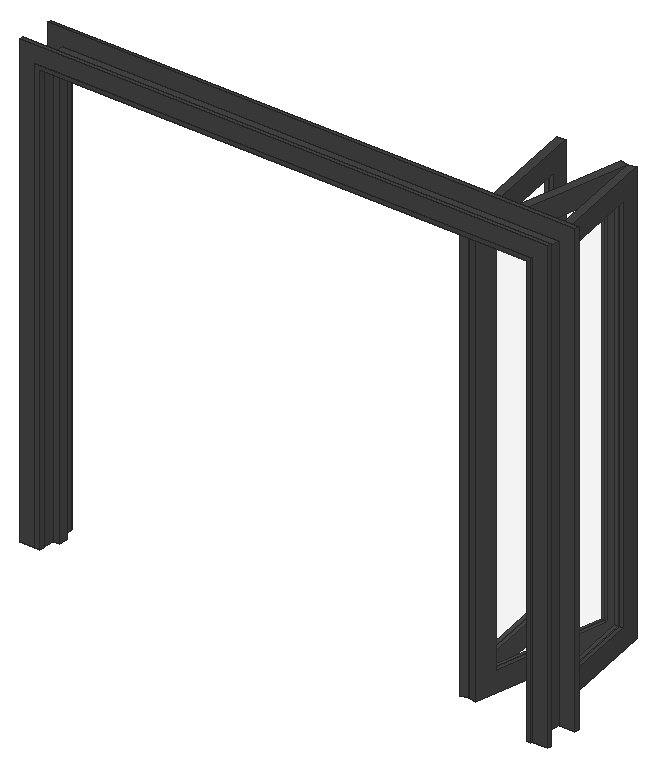
Revit family "Parametric Folding Door", category Doors, host Wall, Revit 2015
Parameters (values of type "Bifold door [parametric]")
  Trail width = 35 mm
  Trail thickness = 40 mm
  Trail = Door - Bifold - Jamb & Trail
  Rough Width = Width + (2 * Jamb thickness)  # 2450 mm
  Rough Height = Width + Jamb thickness  # 2430 mm
  Right 5 = No of right panels > 4  # no
  Right 4 = No of right panels > 3  # no
  Right 3 = No of right panels > 2  # no
  Right 2 = No of right panels > 1  # no
  Right 1 = No of right panels > 0  # no
  Panel width = (Width - (2 * Trail width)) / (No of right panels + No of left panels)  # 780 mm
  Panel thickness = 40 mm
  Panel space = ((Panel thickness) * (sin(Open angle))) + (Panel width * (cos(Open angle)))  # 174.838 mm
  Panel mullion width = 100 mm
  Panel mullion = Door - Bifold - Panel Mullion
  Panel height = Height - Trail width  # 2090 mm
  Open angle = 80.00°
  No of right panels = 0
  No of left panels = 3
  Left 5 = No of left panels > 4  # no
  Left 4 = No of left panels > 3  # no
  Left 3 = No of left panels > 2  # yes
  Left 2 = No of left panels > 1  # yes
  Left 1 = No of left panels > 0  # yes
  Jamb width = 200 mm
  Jamb thickness = 20 mm
  Jamb = Door - Bifold - Jamb & Trail
  Internal frame visible = yes
  Glass thickness = 4 mm
  Glass = Door - Bifold - Glass
  Function = Exterior
  Frame thickness = 20 mm
  Frame Width = 100 mm
  Height = 2125 mm
  Wall Closure = Both
  Width = 2410 mm
  External offset = 50 mm
  External frame visible = yes
  Assembly Code = ""
  Analytic Construction = "<None>"
Reference planes
  plane 1: y = 227.471
  plane 2 "Center (Left/Right)": x = -330.874
  plane 3 "Left": x = -1555.874
  plane 4 "Right": x = 894.126
  plane 5: z = 2145
  plane 6 "Exterior": y = 302.471
  plane 7 "Interior": y = 152.471
  plane 8: x = -1535.874
  plane 9: x = 874.126
  plane 10: x = -1500.874
  plane 11: x = 839.126
  plane 12: y = 327.471
  plane 13: y = 127.471
  plane 14: z = 2125
  plane 15: y = 232.471
  plane 16: y = 252.471
  plane 17: y = 212.471
  plane 18: z = 2090
  plane 19: x = -1326.036
  plane 20: x = -1151.198
  plane 21: x = -976.36
  plane 22: x = -801.522
  plane 23: x = -626.684
  plane 24: x = 664.288
  plane 25: x = 489.45
  plane 26: x = 314.612
  plane 27: x = 139.775
  plane 28: x = -35.063
Forms (mm)
  Extrusion 1, solid, material "Door - Bifold - Jamb & Trail" <- "Jamb", visible <- "Internal frame visible"
    sketch origin (-3050, 152.471, 0) x (1, 0, 0) y (0, 0, 1)
      loop
        line (1414.126, 0) -> (1514.126, 0) -> (1514.126, 2125) -> (3924.126, 2125) -> (3924.126, 0) -> (4024.126, 0) -> (4024.126, 2225) -> (1414.126, 2225) -> (1414.126, 0)
    from 0 to 20
  Extrusion 2, solid, material "Door - Bifold - Jamb & Trail" <- "Jamb", visible <- "External frame visible"
    sketch origin (-3050, 302.471, 0) x (-1, 0, 0) y (0, 0, 1)
      loop
        line (-1514.126, 0) -> (-1414.126, 0) -> (-1414.126, 2225) -> (-4024.126, 2225) -> (-4024.126, 0) -> (-3924.126, 0) -> (-3924.126, 2125) -> (-1514.126, 2125) -> (-1514.126, 0)
    from 0 to 20
  Extrusion 3, solid, material "Door - Bifold - Jamb & Trail" <- "Jamb"
    sketch origin (0, 302.471, 0) x (1, 0, 0) y (0, 0, 1)
      loop
        line (894.126, 0) -> (894.126, 2145) -> (-1555.874, 2145) -> (-1555.874, 0) -> (-1535.874, 0) -> (-1535.874, 2125) -> (874.126, 2125) -> (874.126, 0) -> (894.126, 0)
    from -25 to 175
  Extrusion 4, solid, material "Door - Bifold - Jamb & Trail" <- "Trail"
    sketch origin (0, 302.471, 0) x (1, 0, 0) y (0, 0, 1)
      loop
        line (874.126, 0) -> (874.126, 2125) -> (-1535.874, 2125) -> (-1535.874, 0) -> (-1500.874, 0) -> (-1500.874, 2090) -> (839.126, 2090) -> (839.126, 0) -> (874.126, 0)
    from 50 to 90
Lines and regions (mm)
  Opening 1
    outline origin (-3050, 152.471, 0) x (1, 0, 0) y (0, 0, 1)
      loop
        line (1494.126, 0) -> (3944.126, 0) -> (3944.126, 2145) -> (1494.126, 2145) -> (1494.126, 0)
  reference lines
    curve 1: line (-1500.874, 252.471, 0) -> (-1451.634, 243.789, 0)
Text (mm)
  text "Exterior" at (-2978.255, 2278.681, 0), in view "Ref. Level"
  text "Exterior" at (0, 1615.38, 3698.081), in view "Left"
  text "Exterior" at (0, 1036.032, 3874.932), in view "Right"
Dimensions and locks
  equal spacing: plane 3 "Left", plane 2 "Center (Left/Right)", plane 4 "Right"
  "Width": plane 8 to plane 9
  "Height": host wall to plane 14
  level to plane 14 = 2125 mm
  "Frame thickness": Extrusion 2 to Extrusion 2
  "Frame thickness": Extrusion 1 to Extrusion 1
  "Frame Width": plane 8 to Extrusion 1 sketch curve
  "Frame Width": plane 9 to Extrusion 1 sketch curve
  "Frame Width": Extrusion 1 sketch curve to plane 14
  "Frame Width": plane 9 to Extrusion 2 sketch curve
  "Frame Width": plane 8 to Extrusion 2 sketch curve
  "Frame Width": plane 14 to Extrusion 2 sketch curve
  locked: plane 6 "Exterior" to host wall at 0
  locked: plane 7 "Interior" to host wall
  "Jamb thickness": plane 3 "Left" to plane 8
  "Jamb thickness": plane 9 to plane 4 "Right"
  "Trail width": plane 8 to plane 10
  "Trail width": plane 11 to plane 9
  "Jamb width": plane 13 to plane 12
  equal spacing: plane 13, plane 1, plane 12
  "Jamb thickness": plane 14 to plane 5
  equal spacing: plane 17, plane 15, plane 16
  "Trail thickness": plane 17 to plane 16
  "External offset": plane 6 "Exterior" to plane 16
  "Trail width": plane 18 to plane 14
  "Panel space": plane 10 to plane 19
  "Panel space": plane 19 to plane 20
  "Panel space": plane 20 to plane 21
  "Panel space": plane 21 to plane 22
  "Panel space": plane 22 to plane 23
  "Panel space": plane 24 to plane 11
  "Panel space": plane 25 to plane 24
  "Panel space": plane 26 to plane 25
  "Panel space": plane 27 to plane 26
  "Panel space": plane 28 to plane 27
  aligned and locked: plane 3 "Left" to Opening 1 sketch curve
  aligned and locked: plane 5 to Opening 1 sketch curve  (x2)
  aligned and locked: Opening 1 sketch curve to plane 4 "Right"
  aligned and locked: Opening 1 sketch curve to level
  aligned and locked: level to Extrusion 1 sketch curve
  aligned and locked: level to Extrusion 2 sketch curve
  aligned and locked: plane 1 to host wall
  aligned and locked: Extrusion 3 sketch curve to level  (x2)
  aligned and locked: Extrusion 3 sketch curve to plane 4 "Right"
  aligned and locked: Extrusion 3 sketch curve to plane 5
  aligned and locked: plane 3 "Left" to Extrusion 3 sketch curve
  aligned and locked: plane 14 to Extrusion 3 sketch curve
  aligned and locked: Extrusion 3 sketch curve to plane 9
  aligned and locked: Extrusion 3 sketch curve to plane 8
  aligned and locked: plane 12 to Extrusion 3
  aligned and locked: plane 13 to Extrusion 3
  aligned and locked: Extrusion 4 sketch curve to level  (x2)
  aligned and locked: Extrusion 4 sketch curve to plane 9
  aligned and locked: plane 14 to Extrusion 4 sketch curve
  aligned and locked: plane 18 to Extrusion 4 sketch curve
  aligned and locked: Extrusion 4 sketch curve to plane 8
  aligned and locked: Extrusion 4 sketch curve to plane 10
  aligned and locked: Extrusion 4 sketch curve to plane 11
  aligned and locked: plane 16 to Extrusion 4
  aligned and locked: plane 17 to Extrusion 4
  aligned and locked: Extrusion 2 sketch curve to plane 9
  aligned and locked: plane 14 to Extrusion 2 sketch curve
  aligned and locked: Extrusion 2 sketch curve to plane 8
  aligned and locked: Extrusion 1 sketch curve to plane 8
  aligned and locked: plane 14 to Extrusion 1 sketch curve
  aligned and locked: Extrusion 1 sketch curve to plane 9
  aligned and locked: plane 10 to Extrusion 4
  aligned and locked: plane 10 to nested 1
  aligned and locked: nested 1 to plane 16
  aligned: plane 20 to nested 2
  aligned and locked: plane 16 to nested 2
  aligned and locked: nested 2 to nested 3
  aligned and locked: nested 3 to plane 16
  aligned and locked: plane 20 to nested 3
  aligned and locked: plane 16 to nested 4
  aligned and locked: nested 4 to plane 22
  aligned and locked: nested 5 to plane 22
  aligned and locked: nested 5 to plane 16
  aligned and locked: nested 6 to plane 11
  aligned and locked: plane 16 to nested 6
  aligned and locked: plane 25 to nested 7
  aligned and locked: nested 7 to plane 16
  aligned and locked: plane 25 to nested 8
  aligned and locked: plane 16 to nested 8
  aligned and locked: plane 27 to nested 9
  aligned and locked: nested 9 to plane 16
  aligned and locked: plane 27 to nested 10
  aligned and locked: plane 16 to nested 10
Automatic sketch dimensions
  Extrusion 1 sketch curve to level = 0 mm
  Extrusion 2 sketch curve to level = 0 mm
  curve 1 to plane 10 = 0 mm
  curve 1 to plane 16 = 0 mm
  curve 1 to plane 16 = 8.682 mm
  plane 10 to curve 1 = 49.24 mm
Nested families
  nested 1: "Copy of Bifold panel" at (-1500.874, 252.471, 0), visible <- "Right 1", type "Bifold panel"
    with Panel width 780 mm
  nested 2: "Copy of Bifold panel" at (-1151.198, 252.471, 0) x (-1, 0, 0) z (0, 0, 1), visible <- "Right 2", type "Bifold panel"
    with Panel width 780 mm
  nested 3: "Copy of Bifold panel" at (-1151.198, 252.471, 0), visible <- "Right 3", type "Bifold panel"
    with Panel width 780 mm
  nested 4: "Copy of Bifold panel" at (-801.522, 252.471, 0) x (-1, 0, 0) z (0, 0, 1), visible <- "Right 4", type "Bifold panel"
    with Panel width 780 mm
  nested 5: "Copy of Bifold panel" at (-801.522, 252.471, 0), visible <- "Right 5", type "Bifold panel"
    with Panel width 780 mm
  nested 6: "Copy of Bifold panel" at (839.126, 252.471, 0) x (-1, 0, 0) z (0, 0, 1), visible <- "Left 1", type "Bifold panel"
    with Panel width 780 mm
  nested 7: "Copy of Bifold panel" at (489.45, 252.471, 0), visible <- "Left 2", type "Bifold panel"
    with Panel width 780 mm
  nested 8: "Copy of Bifold panel" at (489.45, 252.471, 0) x (-1, 0, 0) z (0, 0, 1), visible <- "Left 3", type "Bifold panel"
    with Panel width 780 mm
  nested 9: "Copy of Bifold panel" at (139.775, 252.471, 0), visible <- "Left 4", type "Bifold panel"
    with Panel width 780 mm
  nested 10: "Copy of Bifold panel" at (139.775, 252.471, 0) x (-1, 0, 0) z (0, 0, 1), visible <- "Left 5", type "Bifold panel"
    with Panel width 780 mm
Definition of nested family "Copy of Bifold panel"
  Parameters
    Panel width = 800 mm
    Panel thickness = 40 mm
    Panel mullion width = 100 mm
    Panel mullion = none
    Panel height = 2090 mm
    Open angle = 80.00°
    Glass thickness = 4 mm
    Glass position = (Panel thickness - Glass thickness) / 2  # 18 mm
    Glass = none
    Assembly Code = ""
  Reference planes
    plane 1 "Center (Front/Back)": y = 0
    plane 2 "Bottom": z = 0
    plane 3 "Left": x = 0
    plane 4: z = 2090
  Forms (mm)
    Sweep 1, solid, material <- "Panel mullion"
      path origin (0, 0, 0) x (0, 1, 0) y (0, 0, 1)
        loop
          line (0, 0) -> (0, 2090)
      profile origin (0, 0, 1045) x (0, -1, 0) y (1, 0, 0)
        loop
          line (6.946, 39.392) -> (-780.9, 178.311) -> (-787.846, 138.919) -> (0, 0) -> (6.946, 39.392)
    Extrusion 2, void
      sketch origin (178.311, 780.9, 0) x (0, 0, -1) y (-0.173648, -0.984808, 0)
        loop
          line (-100, 700) -> (-1990, 700) -> (-1990, 100) -> (-100, 100) -> (-100, 700)
      from 0 to 40 <- "Panel thickness"
    Extrusion 3, solid, material <- "Glass"
      sketch origin (160.946, 682.42, 100) x (-0.173648, -0.984808, 0) y (0.984808, -0.173648, 0)
        loop
          line (0, -18) -> (0, -22) -> (600, -22) -> (600, -18) -> (0, -18)
      from 0 to 1890
  Cuts and joins
    Extrusion 2 cuts Sweep 1
  Dimensions and locks
    "Panel height": plane 4 to level
    "Panel width": Sweep 1 sketch curve to Sweep 1 sketch curve
    "Panel thickness": Sweep 1 sketch curve to Sweep 1 sketch curve
    "Panel mullion width": Extrusion 2 sketch curve to cut or joined group of Sweep 1, Extrusion 2
    "Panel mullion width": cut or joined group of Sweep 1, Extrusion 2 to Extrusion 2 sketch curve  (x3)
    "Glass thickness": Extrusion 3 sketch curve to Extrusion 3 sketch curve
    "Glass position": Extrusion 3 sketch curve to cut or joined group of Sweep 1, Extrusion 2
    "Open angle": angle plane 1 "Center (Front/Back)" to Sweep 1 sketch curve
    aligned and locked: level to plane 2 "Bottom"
    aligned and locked: plane 1 "Center (Front/Back)" to Sweep 1 sketch curve  (x2)
    aligned and locked: plane 3 "Left" to Sweep 1 sketch curve
    aligned and locked: Extrusion 3 sketch curve to cut or joined group of Sweep 1, Extrusion 2  (x2)
    aligned and locked: cut or joined group of Sweep 1, Extrusion 2 to Extrusion 3
  Automatic sketch dimensions
    Sweep 1 sketch curve to level = 0 mm
    Sweep 1 sketch curve to plane 4 = 0 mm
